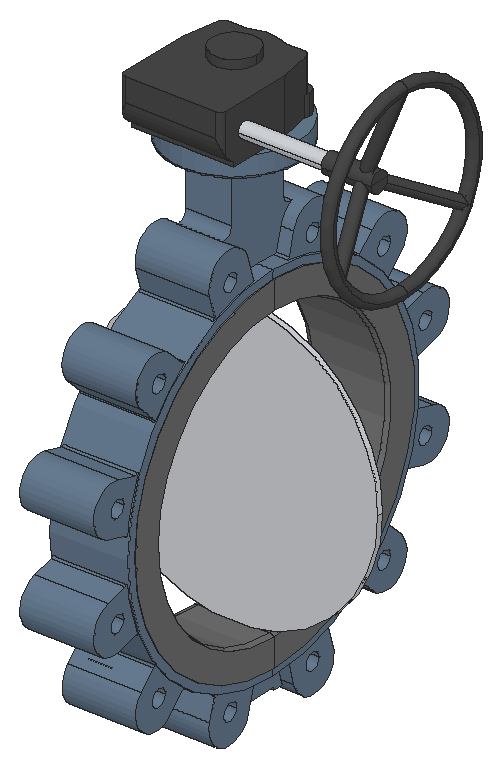
Revit family "Запорно-регулирующая заслонка с ручным редукторным приводом AF-4219", category Rohrzubehör, Revit 2019
Family settings
  Bemaßung runder Anschluss = Durchmesser verwenden
  Teiletyp = Unterbricht
  OmniClass-Nummer = 23.65.55.14
  OmniClass-Titel = Valves for Liquid Services
  Arbeitsebenenbasiert = Nein
  Immer vertikal = Ja
  Beim Laden mit Abzugskörper schneiden = Nein
  Gemeinsam genutzt = Nein
Parameters
  Шпиндель = "Нержавеющая сталь ASTM-A276 / Type 316"  # constant formula
  Фланцевое соединение = "В соответствии с EN1092-2"  # constant formula
  Уплотнение корпуса = "EPDM в соответствии с ISO 1691"  # constant formula
  Среда = "Качество теплоносителя в соответствии с ÖNORM H5195 и/или предписаниями VDI 2035.\r\nРазрешается использование смеси этилен или пропиленгликоля в соотношении 25-50% с водой."
  Область применения = "Применяются в системах тепло- и холодоснабжения."
  Номер заказа [instance] = size_lookup("4219_AF_G", "Artnr", 421911, Nennweite)  # 1421979
  Макс. рабочая температура = 110 °C  # constant formula
  Крутящий момент в Нм [instance] = size_lookup("4219_AF_G", "Nm", 20, Nennweite)  # 350
  Корпус = "Чугун GGG, GJS-400-15/JS1030, в соответствии с EN1563"  # constant formula
  Диск = "Нержавеющая сталь 1.4408"  # constant formula
  Вес [instance] = size_lookup("4219_AF_G", "Gewicht", 3.8, Nennweite)  # 37.6
  Болты [instance] = if(Nennweite = 50 mm, "4x M16x35", if(Nennweite = 65 mm, "4x M16x35", if(Nennweite = 80 mm, "8x M16x35", if(Nennweite = 100 mm, "8x M16x40", if(Nennweite = 125 mm, "8x M16x40", if(Nennweite = 150 mm, "8x M20x40", if(Nennweite = 200 mm, "12x M20x45", if(Nennweite = 250 mm, "12x M24x45", "12x M24x45"))))))))  # "12x M24x45"
  URL = "www.herz-armaturen.ru"
  SCTWSEQ = "FW;SBT_TYP_FW=\"101\";2"
  SCTWCODE = "04;07;02"  # constant formula
  SCRNSEQ = "ARM;ARM_TYP=\"ALLF\";2"
  SCRNCODE = "05;13;02"  # constant formula
  R99 = 1.5 mm  # constant formula
  PN [instance] = size_lookup("4219_AF_G", "PN", 16, Nennweite)  # 10
  O-Ring = "EPDM в соответствии с ISO 1691"  # constant formula
  Мин. рабочая температура = "-20.00 °C при соответствующей водно-гликолевой смеси"  # constant formula
  L04 [instance] = L01 - 3.5 mm  # 35.5 mm
  L03 [instance] = L01 + 1.5 mm  # 40.5 mm
  L02 [instance] = size_lookup("4219_AF_G", "L2", 14.5 mm, Nennweite)  # 30.5 mm
  L01 [instance] = size_lookup("4219_AF_G", "L1", 21.5 mm, Nennweite)  # 39 mm
  R01 [instance] = size_lookup("4219_AF_G", "R1", 44 mm, Nennweite)  # 65 mm
  Nennweite [instance] = 300 mm
  Hersteller = "HERZ Armaturen Ges.m.b.H."  # constant formula
  H02 [instance] = size_lookup("4219_AF_G", "H2", 13 mm, Nennweite)  # 20 mm
  H01 [instance] = size_lookup("4219_AF_G", "H1", 125 mm, Nennweite)  # 308 mm
  DN80 [instance] = Nennweite = 80 mm  # no
  DN65 [instance] = Nennweite = 65 mm  # no
  DN50 [instance] = Nennweite = 50 mm  # no
  DN300 [instance] = Nennweite = 300 mm  # yes
  DN250 [instance] = Nennweite = 250 mm  # no
  DN200 [instance] = Nennweite = 200 mm  # no
  DN150 [instance] = Nennweite = 150 mm  # no
  DN125 [instance] = Nennweite = 125 mm  # no
  DN100 [instance] = Nennweite = 100 mm  # no
  D06 [instance] = size_lookup("4219_AF_G", "D6", 25.3 mm, Nennweite)  # 146.5 mm
  D05 [instance] = size_lookup("4219_AF_G", "D5", 24.5 mm, Nennweite)  # 145 mm
  D04 [instance] = D05 + 2 mm  # 147 mm
  D03 [instance] = size_lookup("4219_AF_G", "D3", 35.5 mm, Nennweite)  # 167.5 mm
  D02 [instance] = size_lookup("4219_AF_G", "D2", 41 mm, Nennweite)  # 175 mm
  D01 [instance] = size_lookup("4219_AF_G", "D1", 47 mm, Nennweite)  # 183 mm
Reference planes
  plane 1 "Mitte (Vorne/hinten)": y = 0
  plane 2: z = 0
  plane 3 "Mitte (Links/rechts)": x = 0
Forms (mm)
  Revolve 1, solid, material "Herz-Metall-blau", detail levels fine
    sketch origin (0, 0, 0) x (1, 0, 0) y (0, 0, 1)
      loop
        line (-30.5, 175) -> (-30.5, 167.5) -> (30.5, 167.5) -> (30.5, 175) -> (39, 175) -> (39, 183) -> (-39, 183) -> (-39, 175) -> (-30.5, 175)
      axis (-39, 0) -> (39, 0)
    angle from 0 to 360
  Revolve 2, solid, material "Herz-Metall-blau", detail levels fine
    sketch origin (0, 0, 0) x (1, 0, 0) y (0, 0, 1)
      loop
        line (-65, 308) -> (-65, 289.463)
        arc (-65, 289.463) -> (-64.673, 288.527) -> (-63.833, 288) r 1.5
        line (-63.833, 288) -> (0, 288) -> (0, 308) -> (-65, 308)
      axis (0, 308) -> (0, 288)
    angle from 0 to 360
  Extrusion 3, solid, material "Herz-Metall-blau", visible <- "DN50", detail levels fine
    sketch origin (0, 0, 0) x (0, 1, 0) y (0, 0, 1)
      loop
        line (56.215, -32.173) -> (43.95, -19.909)
        arc (43.95, -19.909) -> (43.387, -18.793) -> (43.596, -17.56) r 2
        arc (43.596, -17.56) -> (33.234, -33.234) -> (17.56, -43.596) r 47
        arc (17.56, -43.596) -> (18.793, -43.387) -> (19.909, -43.95) r 2
        line (19.909, -43.95) -> (32.173, -56.215)
        arc (32.173, -56.215) -> (56.215, -56.215) -> (56.215, -32.173) r 17
      loop
        arc (-56.215, -32.173) -> (-56.215, -56.215) -> (-32.173, -56.215) r 17
        line (-32.173, -56.215) -> (-19.909, -43.95)
        arc (-19.909, -43.95) -> (-18.793, -43.387) -> (-17.56, -43.596) r 2
        arc (-17.56, -43.596) -> (-33.234, -33.234) -> (-43.596, -17.56) r 47
        arc (-43.596, -17.56) -> (-43.387, -18.793) -> (-43.95, -19.909) r 2
        line (-43.95, -19.909) -> (-56.215, -32.173)
      loop
        arc (56.215, 32.173) -> (56.215, 56.215) -> (32.173, 56.215) r 17
        line (32.173, 56.215) -> (19.909, 43.95)
        arc (19.909, 43.95) -> (18.793, 43.387) -> (17.56, 43.596) r 2
        arc (17.56, 43.596) -> (33.234, 33.234) -> (43.596, 17.56) r 47
        arc (43.596, 17.56) -> (43.387, 18.793) -> (43.95, 19.909) r 2
        line (43.95, 19.909) -> (56.215, 32.173)
      loop
        line (-56.215, 32.173) -> (-43.95, 19.909)
        arc (-43.95, 19.909) -> (-43.387, 18.793) -> (-43.596, 17.56) r 2
        arc (-43.596, 17.56) -> (-33.234, 33.234) -> (-17.56, 43.596) r 47
        arc (-17.56, 43.596) -> (-18.793, 43.387) -> (-19.909, 43.95) r 2
        line (-19.909, 43.95) -> (-32.173, 56.215)
        arc (-32.173, 56.215) -> (-56.215, 56.215) -> (-56.215, 32.173) r 17
      loop
        circle (-44.194, 44.194) r 6.92
      loop
        circle (44.194, 44.194) r 6.92
      loop
        circle (44.194, -44.194) r 6.92
      loop
        circle (-44.194, -44.194) r 6.92
    from -19.5 to 19.5
  Extrusion 4, solid, material "Herz-Metall-blau", visible <- "DN50", detail levels fine
    sketch origin (0, 0, 0) x (0, 1, 0) y (0, 0, 1)
      loop
        line (20, 74.845) -> (20, 112) -> (-20, 112) -> (-20, 74.845)
        arc (-20, 74.845) -> (-26.046, 62.811) -> (-39.31, 60.477) r 15
        arc (-39.31, 60.477) -> (-35.477, 58.789) -> (-32.173, 56.215) r 17
        line (-32.173, 56.215) -> (-19.909, 43.95)
        arc (-19.909, 43.95) -> (-18.793, 43.387) -> (-17.56, 43.596) r 2
        arc (-17.56, 43.596) -> (0, 47) -> (17.56, 43.596) r 47
        arc (17.56, 43.596) -> (18.793, 43.387) -> (19.909, 43.95) r 2
        line (19.909, 43.95) -> (32.173, 56.215)
        arc (32.173, 56.215) -> (35.477, 58.789) -> (39.31, 60.477) r 17
        arc (39.31, 60.477) -> (26.046, 62.811) -> (20, 74.845) r 15
    from -15 to 15
  Extrusion 5, solid, material "Herz-Metall-blau", visible <- "DN50"
    sketch origin (0, 0, 0) x (0, 1, 0) y (0, 0, 1)
      loop
        arc (33.834, -58) -> (34.246, -58.062) -> (34.622, -58.243) r 1.4
        arc (34.622, -58.243) -> (33.35, -57.286) -> (32.173, -56.215) r 17
        line (32.173, -56.215) -> (19.909, -43.95)
        arc (19.909, -43.95) -> (18.793, -43.387) -> (17.56, -43.596) r 2
        arc (17.56, -43.596) -> (0, -47) -> (-17.56, -43.596) r 47
        arc (-17.56, -43.596) -> (-18.793, -43.387) -> (-19.909, -43.95) r 2
        line (-19.909, -43.95) -> (-32.173, -56.215)
        arc (-32.173, -56.215) -> (-33.35, -57.286) -> (-34.622, -58.243) r 17
        arc (-34.622, -58.243) -> (-34.246, -58.062) -> (-33.834, -58) r 1.4
        line (-33.834, -58) -> (-16.963, -58)
        arc (-16.963, -58) -> (-15.575, -58.575) -> (-15, -59.963) r 1.963
        line (-15, -59.963) -> (-15, -61) -> (15, -61) -> (15, -59.963)
        arc (15, -59.963) -> (15.575, -58.575) -> (16.963, -58) r 1.963
        line (16.963, -58) -> (33.834, -58)
    from -15 to 15
  Revolve 6, solid, material "Gummi", detail levels fine
    sketch origin (-134.5, 0, 0) x (1, 0, 0) y (0, 0, 1)
      loop
        line (94, 175) -> (94, 147) -> (99, 145) -> (170, 145) -> (175, 147) -> (175, 175) -> (165, 175) -> (165, 167.5) -> (104, 167.5) -> (104, 175) -> (94, 175)
      axis (94, 0) -> (175, 0)
    angle from 0 to 360
  Extrusion 7, solid, detail levels fine
    sketch origin (0, 0, 0) x (1, 0, 0) y (0, 0, 1)
      loop
        circle (0, 0) r 146.5
    from -2.5 to 2.5
  Extrusion 8, solid, material "Herz-Metall-blau", visible <- "DN65", detail levels fine
    sketch origin (0, -300, 0) x (0, 1, 0) y (0, 0, 1)
      loop
        circle (351.265, 51.265) r 6.92
      loop
        arc (363.286, 39.244) -> (363.286, 63.286) -> (339.244, 63.286) r 17
        line (339.244, 63.286) -> (328.595, 52.636)
        arc (328.595, 52.636) -> (327.499, 52.076) -> (326.282, 52.264) r 2
        arc (326.282, 52.264) -> (341.366, 41.366) -> (352.264, 26.282) r 58.501
        arc (352.264, 26.282) -> (352.087, 27.51) -> (352.656, 28.614) r 2.038
        line (352.656, 28.614) -> (363.286, 39.244)
      loop
        circle (351.265, -51.265) r 6.92
      loop
        line (363.286, -39.244) -> (352.656, -28.614)
        arc (352.656, -28.614) -> (352.087, -27.51) -> (352.264, -26.282) r 2.038
        arc (352.264, -26.282) -> (341.366, -41.366) -> (326.282, -52.264) r 58.501
        arc (326.282, -52.264) -> (327.499, -52.076) -> (328.595, -52.636) r 2
        line (328.595, -52.636) -> (339.244, -63.286)
        arc (339.244, -63.286) -> (363.286, -63.286) -> (363.286, -39.244) r 17
      loop
        circle (248.735, 51.265) r 6.92
      loop
        line (236.714, 39.244) -> (247.344, 28.614)
        arc (247.344, 28.614) -> (247.913, 27.51) -> (247.736, 26.282) r 2.038
        arc (247.736, 26.282) -> (258.634, 41.366) -> (273.718, 52.264) r 58.501
        arc (273.718, 52.264) -> (272.501, 52.076) -> (271.405, 52.636) r 2
        line (271.405, 52.636) -> (260.756, 63.286)
        arc (260.756, 63.286) -> (236.714, 63.286) -> (236.714, 39.244) r 17
      loop
        circle (248.735, -51.265) r 6.92
      loop
        arc (236.714, -39.244) -> (236.714, -63.286) -> (260.756, -63.286) r 17
        line (260.756, -63.286) -> (271.405, -52.636)
        arc (271.405, -52.636) -> (272.501, -52.076) -> (273.718, -52.264) r 2
        arc (273.718, -52.264) -> (258.634, -41.366) -> (247.736, -26.282) r 58.501
        arc (247.736, -26.282) -> (247.913, -27.51) -> (247.344, -28.614) r 2.038
        line (247.344, -28.614) -> (236.714, -39.244)
    from -21 to 21
  Extrusion 9, solid, material "Herz-Metall-blau", visible <- "DN65", detail levels fine
    sketch origin (0, -300, 0) x (0, 1, 0) y (0, 0, 1)
      loop
        line (278, 136.5) -> (278, 78.286)
        arc (278, 78.286) -> (272.889, 69.099) -> (263, 65.53) r 14.984
        line (263, 65.53) -> (257.982, 65.53)
        arc (257.982, 65.53) -> (259.428, 64.481) -> (260.756, 63.286) r 17
        line (260.756, 63.286) -> (271.405, 52.636)
        arc (271.405, 52.636) -> (272.501, 52.076) -> (273.718, 52.264) r 2
        arc (273.718, 52.264) -> (300, 58.5) -> (326.282, 52.264) r 58.5
        arc (326.282, 52.264) -> (327.499, 52.076) -> (328.595, 52.636) r 2
        line (328.595, 52.636) -> (339.244, 63.286)
        arc (339.244, 63.286) -> (340.572, 64.481) -> (342.018, 65.53) r 17
        line (342.018, 65.53) -> (337, 65.53)
        arc (337, 65.53) -> (327.111, 69.099) -> (322, 78.286) r 14.984
        line (322, 78.286) -> (322, 136.5) -> (278, 136.5)
      loop
        arc (260.756, -63.286) -> (259.428, -64.481) -> (257.982, -65.53) r 17
        line (257.982, -65.53) -> (280.029, -65.53)
        arc (280.029, -65.53) -> (281.423, -66.108) -> (282, -67.501) r 1.971
        line (282, -67.501) -> (282, -74) -> (318, -74) -> (318, -67.527)
        arc (318, -67.527) -> (318.585, -66.115) -> (319.997, -65.53) r 1.997
        line (319.997, -65.53) -> (342.018, -65.53)
        arc (342.018, -65.53) -> (340.572, -64.481) -> (339.244, -63.286) r 17
        line (339.244, -63.286) -> (328.595, -52.636)
        arc (328.595, -52.636) -> (327.499, -52.076) -> (326.282, -52.264) r 2
        arc (326.282, -52.264) -> (300, -58.5) -> (273.718, -52.264) r 58.5
        arc (273.718, -52.264) -> (272.501, -52.076) -> (271.405, -52.636) r 2
        line (271.405, -52.636) -> (260.756, -63.286)
    from -18 to 18
  Extrusion 10, solid, material "Herz-Metall-blau", visible <- "DN80", detail levels fine
    sketch origin (0, -300, 0) x (0, 1, 0) y (0, 0, 1)
      loop
        circle (269.385, 73.91) r 6.92
      loop
        arc (285.091, 80.416) -> (262.88, 89.616) -> (253.679, 67.405) r 17
        line (253.679, 67.405) -> (259.513, 53.322)
        arc (259.513, 53.322) -> (259.602, 52.073) -> (258.924, 51.02) r 1.982
        arc (258.924, 51.02) -> (274.934, 60.514) -> (292.968, 65.121) r 65.5
        arc (292.968, 65.121) -> (291.745, 65.388) -> (290.924, 66.335) r 1.984
        line (290.924, 66.335) -> (285.091, 80.416)
      loop
        circle (226.09, 30.615) r 6.92
      loop
        line (219.584, 14.909) -> (233.665, 9.076)
        arc (233.665, 9.076) -> (234.612, 8.255) -> (234.879, 7.032) r 1.984
        arc (234.879, 7.032) -> (239.486, 25.066) -> (248.98, 41.076) r 65.5
        arc (248.98, 41.076) -> (247.927, 40.398) -> (246.678, 40.487) r 1.982
        line (246.678, 40.487) -> (232.595, 46.321)
        arc (232.595, 46.321) -> (210.384, 37.12) -> (219.584, 14.909) r 17
      loop
        circle (269.385, -73.91) r 6.92
      loop
        line (285.091, -80.416) -> (290.924, -66.335)
        arc (290.924, -66.335) -> (291.745, -65.388) -> (292.968, -65.121) r 1.984
        arc (292.968, -65.121) -> (274.934, -60.514) -> (258.924, -51.02) r 65.5
        arc (258.924, -51.02) -> (259.602, -52.073) -> (259.513, -53.322) r 1.982
        line (259.513, -53.322) -> (253.679, -67.405)
        arc (253.679, -67.405) -> (262.88, -89.616) -> (285.091, -80.416) r 17
      loop
        circle (226.09, -30.615) r 6.92
      loop
        arc (219.584, -14.909) -> (210.384, -37.12) -> (232.595, -46.321) r 17
        line (232.595, -46.321) -> (246.678, -40.487)
        arc (246.678, -40.487) -> (247.927, -40.398) -> (248.98, -41.076) r 1.982
        arc (248.98, -41.076) -> (239.486, -25.066) -> (234.879, -7.032) r 65.5
        arc (234.879, -7.032) -> (234.612, -8.255) -> (233.665, -9.076) r 1.984
        line (233.665, -9.076) -> (219.584, -14.909)
      loop
        circle (330.615, 73.91) r 6.92
      loop
        line (314.909, 80.416) -> (309.076, 66.335)
        arc (309.076, 66.335) -> (308.255, 65.388) -> (307.032, 65.121) r 1.984
        arc (307.032, 65.121) -> (325.066, 60.514) -> (341.076, 51.02) r 65.5
        arc (341.076, 51.02) -> (340.398, 52.073) -> (340.487, 53.322) r 1.982
        line (340.487, 53.322) -> (346.321, 67.405)
        arc (346.321, 67.405) -> (337.12, 89.616) -> (314.909, 80.416) r 17
      loop
        circle (373.91, 30.615) r 6.92
      loop
        arc (380.416, 14.909) -> (389.616, 37.12) -> (367.405, 46.321) r 17
        line (367.405, 46.321) -> (353.322, 40.487)
        arc (353.322, 40.487) -> (352.073, 40.398) -> (351.02, 41.076) r 1.982
        arc (351.02, 41.076) -> (360.514, 25.066) -> (365.121, 7.032) r 65.5
        arc (365.121, 7.032) -> (365.388, 8.255) -> (366.335, 9.076) r 1.984
        line (366.335, 9.076) -> (380.416, 14.909)
      loop
        circle (330.615, -73.91) r 6.92
      loop
        arc (314.909, -80.416) -> (337.12, -89.616) -> (346.321, -67.405) r 17
        line (346.321, -67.405) -> (340.487, -53.322)
        arc (340.487, -53.322) -> (340.398, -52.073) -> (341.076, -51.02) r 1.982
        arc (341.076, -51.02) -> (325.066, -60.514) -> (307.032, -65.121) r 65.5
        arc (307.032, -65.121) -> (308.255, -65.388) -> (309.076, -66.335) r 1.984
        line (309.076, -66.335) -> (314.909, -80.416)
      loop
        circle (373.91, -30.615) r 6.92
      loop
        line (380.416, -14.909) -> (366.335, -9.076)
        arc (366.335, -9.076) -> (365.388, -8.255) -> (365.121, -7.032) r 1.984
        arc (365.121, -7.032) -> (360.514, -25.066) -> (351.02, -41.076) r 65.5
        arc (351.02, -41.076) -> (352.073, -40.398) -> (353.322, -40.487) r 1.982
        line (353.322, -40.487) -> (367.405, -46.321)
        arc (367.405, -46.321) -> (389.616, -37.12) -> (380.416, -14.909) r 17
    from -21 to 21
  Extrusion 11, solid, material "Herz-Metall-blau", visible <- "DN80", detail levels fine
    sketch origin (0, -300, 0) x (0, 1, 0) y (0, 0, 1)
      loop
        line (278, 143.5) -> (278, 100.814)
        arc (278, 100.814) -> (275.545, 94.251) -> (269.385, 90.91) r 10
        arc (269.385, 90.91) -> (278.83, 88.045) -> (285.091, 80.416) r 17
        line (285.091, 80.416) -> (290.924, 66.335)
        arc (290.924, 66.335) -> (291.744, 65.388) -> (292.968, 65.121) r 1.984
        arc (292.968, 65.121) -> (300, 65.497) -> (307.032, 65.121) r 66.05
        arc (307.032, 65.121) -> (308.256, 65.388) -> (309.076, 66.335) r 1.984
        line (309.076, 66.335) -> (314.909, 80.416)
        arc (314.909, 80.416) -> (321.17, 88.045) -> (330.615, 90.91) r 17
        arc (330.615, 90.91) -> (324.455, 94.251) -> (322, 100.814) r 10
        line (322, 100.814) -> (322, 143.5) -> (278, 143.5)
      loop
        line (285.091, -80.416) -> (286.5, -80.946) -> (313.5, -80.946) -> (314.89, -80.371) -> (309.076, -66.335)
        arc (309.076, -66.335) -> (308.256, -65.388) -> (307.032, -65.121) r 1.984
        arc (307.032, -65.121) -> (300, -65.497) -> (292.968, -65.121) r 66.05
        arc (292.968, -65.121) -> (291.744, -65.388) -> (290.924, -66.335) r 1.984
        line (290.924, -66.335) -> (285.091, -80.416)
    from -18.5 to 18.5
  Extrusion 12, solid, material "Herz-Metall-blau", visible <- "DN100", detail levels fine
    sketch origin (0, -300, 0) x (0, 1, 0) y (0, 0, 1)
      loop
        circle (265.558, 83.149) r 6.92
      loop
        arc (281.264, 89.655) -> (259.053, 98.855) -> (249.853, 76.644) r 17
        line (249.853, 76.644) -> (255.731, 62.451)
        arc (255.731, 62.451) -> (255.813, 61.14) -> (255.074, 60.055) r 2.025
        arc (255.074, 60.055) -> (271.3, 69.291) -> (289.305, 74.233) r 75
        arc (289.305, 74.233) -> (288.012, 74.478) -> (287.142, 75.464) r 2.027
        line (287.142, 75.464) -> (281.264, 89.655)
      loop
        circle (216.851, 34.442) r 6.92
      loop
        line (210.345, 18.736) -> (224.536, 12.858)
        arc (224.536, 12.858) -> (225.522, 11.988) -> (225.767, 10.695) r 2.027
        arc (225.767, 10.695) -> (230.709, 28.7) -> (239.945, 44.926) r 75
        arc (239.945, 44.926) -> (238.86, 44.187) -> (237.549, 44.269) r 2.025
        line (237.549, 44.269) -> (223.356, 50.147)
        arc (223.356, 50.147) -> (201.145, 40.947) -> (210.345, 18.736) r 17
      loop
        circle (265.558, -83.149) r 6.92
      loop
        line (281.264, -89.655) -> (287.142, -75.464)
        arc (287.142, -75.464) -> (288.012, -74.478) -> (289.305, -74.233) r 2.027
        arc (289.305, -74.233) -> (271.3, -69.291) -> (255.074, -60.055) r 75
        arc (255.074, -60.055) -> (255.813, -61.14) -> (255.731, -62.451) r 2.025
        line (255.731, -62.451) -> (249.853, -76.644)
        arc (249.853, -76.644) -> (259.053, -98.855) -> (281.264, -89.655) r 17
      loop
        circle (216.851, -34.442) r 6.92
      loop
        arc (210.345, -18.736) -> (201.145, -40.947) -> (223.356, -50.147) r 17
        line (223.356, -50.147) -> (237.549, -44.269)
        arc (237.549, -44.269) -> (238.86, -44.187) -> (239.945, -44.926) r 2.025
        arc (239.945, -44.926) -> (230.709, -28.7) -> (225.767, -10.695) r 75
        arc (225.767, -10.695) -> (225.522, -11.988) -> (224.536, -12.858) r 2.027
        line (224.536, -12.858) -> (210.345, -18.736)
      loop
        circle (334.442, 83.149) r 6.92
      loop
        line (318.736, 89.655) -> (312.858, 75.464)
        arc (312.858, 75.464) -> (311.988, 74.478) -> (310.695, 74.233) r 2.027
        arc (310.695, 74.233) -> (328.7, 69.291) -> (344.926, 60.055) r 75
        arc (344.926, 60.055) -> (344.187, 61.14) -> (344.269, 62.451) r 2.025
        line (344.269, 62.451) -> (350.147, 76.644)
        arc (350.147, 76.644) -> (340.947, 98.855) -> (318.736, 89.655) r 17
      loop
        circle (383.149, 34.442) r 6.92
      loop
        arc (389.655, 18.736) -> (398.855, 40.947) -> (376.644, 50.147) r 17
        line (376.644, 50.147) -> (362.451, 44.269)
        arc (362.451, 44.269) -> (361.14, 44.187) -> (360.055, 44.926) r 2.025
        arc (360.055, 44.926) -> (369.291, 28.7) -> (374.233, 10.695) r 75
        arc (374.233, 10.695) -> (374.478, 11.988) -> (375.464, 12.858) r 2.027
        line (375.464, 12.858) -> (389.655, 18.736)
      loop
        circle (334.442, -83.149) r 6.92
      loop
        arc (318.736, -89.655) -> (340.947, -98.855) -> (350.147, -76.644) r 17
        line (350.147, -76.644) -> (344.269, -62.451)
        arc (344.269, -62.451) -> (344.187, -61.14) -> (344.926, -60.055) r 2.025
        arc (344.926, -60.055) -> (328.7, -69.291) -> (310.695, -74.233) r 75
        arc (310.695, -74.233) -> (311.988, -74.478) -> (312.858, -75.464) r 2.027
        line (312.858, -75.464) -> (318.736, -89.655)
      loop
        circle (383.149, -34.442) r 6.92
      loop
        line (389.655, -18.736) -> (375.464, -12.858)
        arc (375.464, -12.858) -> (374.478, -11.988) -> (374.233, -10.695) r 2.027
        arc (374.233, -10.695) -> (369.291, -28.7) -> (360.055, -44.926) r 75
        arc (360.055, -44.926) -> (361.14, -44.187) -> (362.451, -44.269) r 2.025
        line (362.451, -44.269) -> (376.644, -50.147)
        arc (376.644, -50.147) -> (398.855, -40.947) -> (389.655, -18.736) r 17
    from -24 to 24
  Extrusion 13, solid, material "Herz-Metall-blau", visible <- "DN100", detail levels fine
    sketch origin (0, -300, 0) x (0, 1, 0) y (0, 0, 1)
      loop
        line (274, 167) -> (274, 114.47)
        arc (274, 114.47) -> (270.644, 105.014) -> (262.078, 99.789) r 15
        arc (262.078, 99.789) -> (273.498, 98.181) -> (281.264, 89.655) r 17
        line (281.264, 89.655) -> (287.142, 75.464)
        arc (287.142, 75.464) -> (288.012, 74.478) -> (289.305, 74.233) r 2.027
        arc (289.305, 74.233) -> (300, 75) -> (310.695, 74.233) r 75
        arc (310.695, 74.233) -> (311.988, 74.478) -> (312.858, 75.464) r 2.027
        line (312.858, 75.464) -> (318.736, 89.655)
        arc (318.736, 89.655) -> (326.502, 98.181) -> (337.922, 99.789) r 17
        arc (337.922, 99.789) -> (329.356, 105.014) -> (326, 114.47) r 15
        line (326, 114.47) -> (326, 167) -> (274, 167)
      loop
        line (286.5, -93) -> (313.5, -93) -> (313.5, -96) -> (323.312, -96)
        arc (323.312, -96) -> (320.654, -93.094) -> (318.736, -89.655) r 17
        line (318.736, -89.655) -> (312.858, -75.464)
        arc (312.858, -75.464) -> (311.988, -74.478) -> (310.695, -74.233) r 2.027
        arc (310.695, -74.233) -> (300, -75) -> (289.305, -74.233) r 75
        arc (289.305, -74.233) -> (288.012, -74.478) -> (287.142, -75.464) r 2.027
        line (287.142, -75.464) -> (281.264, -89.655)
        arc (281.264, -89.655) -> (279.346, -93.094) -> (276.688, -96) r 17
        line (276.688, -96) -> (286.5, -96) -> (286.5, -93)
    from -18 to 18
  Extrusion 14, solid, material "Herz-Metall-blau", visible <- "DN125", detail levels fine
    sketch origin (0, -300, 0) x (0, 1, 0) y (0, 0, 1)
      loop
        circle (259.818, 97.007) r 6.92
      loop
        arc (275.524, 103.513) -> (253.313, 112.713) -> (244.112, 90.502) r 17
        line (244.112, 90.502) -> (249.217, 78.179)
        arc (249.217, 78.179) -> (249.286, 76.825) -> (248.485, 75.731) r 2.023
        arc (248.485, 75.731) -> (264.902, 84.594) -> (282.772, 89.957) r 91.852
        arc (282.772, 89.957) -> (281.505, 90.18) -> (280.649, 91.141) r 1.958
        line (280.649, 91.141) -> (275.524, 103.513)
      loop
        circle (202.993, 40.182) r 6.92
      loop
        line (196.487, 24.476) -> (208.859, 19.351)
        arc (208.859, 19.351) -> (209.82, 18.495) -> (210.043, 17.228) r 1.958
        arc (210.043, 17.228) -> (215.406, 35.098) -> (224.269, 51.515) r 91.852
        arc (224.269, 51.515) -> (223.175, 50.714) -> (221.821, 50.783) r 2.023
        line (221.821, 50.783) -> (209.498, 55.888)
        arc (209.498, 55.888) -> (187.287, 46.687) -> (196.487, 24.476) r 17
      loop
        circle (259.818, -97.007) r 6.92
      loop
        line (275.524, -103.513) -> (280.649, -91.141)
        arc (280.649, -91.141) -> (281.505, -90.18) -> (282.772, -89.957) r 1.958
        arc (282.772, -89.957) -> (264.902, -84.594) -> (248.485, -75.731) r 91.852
        arc (248.485, -75.731) -> (249.286, -76.825) -> (249.217, -78.179) r 2.023
        line (249.217, -78.179) -> (244.112, -90.502)
        arc (244.112, -90.502) -> (253.313, -112.713) -> (275.524, -103.513) r 17
      loop
        circle (202.993, -40.182) r 6.92
      loop
        arc (196.487, -24.476) -> (187.287, -46.687) -> (209.498, -55.888) r 17
        line (209.498, -55.888) -> (221.821, -50.783)
        arc (221.821, -50.783) -> (223.175, -50.714) -> (224.269, -51.515) r 2.023
        arc (224.269, -51.515) -> (215.406, -35.098) -> (210.043, -17.228) r 91.852
        arc (210.043, -17.228) -> (209.82, -18.495) -> (208.859, -19.351) r 1.958
        line (208.859, -19.351) -> (196.487, -24.476)
      loop
        circle (340.182, 97.007) r 6.92
      loop
        line (324.476, 103.513) -> (319.351, 91.141)
        arc (319.351, 91.141) -> (318.495, 90.18) -> (317.228, 89.957) r 1.958
        arc (317.228, 89.957) -> (335.098, 84.594) -> (351.515, 75.731) r 91.852
        arc (351.515, 75.731) -> (350.714, 76.825) -> (350.783, 78.179) r 2.023
        line (350.783, 78.179) -> (355.888, 90.502)
        arc (355.888, 90.502) -> (346.687, 112.713) -> (324.476, 103.513) r 17
      loop
        circle (397.007, 40.182) r 6.92
      loop
        arc (403.513, 24.476) -> (412.713, 46.687) -> (390.502, 55.888) r 17
        line (390.502, 55.888) -> (378.179, 50.783)
        arc (378.179, 50.783) -> (376.825, 50.714) -> (375.731, 51.515) r 2.023
        arc (375.731, 51.515) -> (384.594, 35.098) -> (389.957, 17.228) r 91.852
        arc (389.957, 17.228) -> (390.18, 18.495) -> (391.141, 19.351) r 1.958
        line (391.141, 19.351) -> (403.513, 24.476)
      loop
        circle (340.182, -97.007) r 6.92
      loop
        arc (324.476, -103.513) -> (346.687, -112.713) -> (355.888, -90.502) r 17
        line (355.888, -90.502) -> (350.783, -78.179)
        arc (350.783, -78.179) -> (350.714, -76.825) -> (351.515, -75.731) r 2.023
        arc (351.515, -75.731) -> (335.098, -84.594) -> (317.228, -89.957) r 91.852
        arc (317.228, -89.957) -> (318.495, -90.18) -> (319.351, -91.141) r 1.958
        line (319.351, -91.141) -> (324.476, -103.513)
      loop
        circle (397.007, -40.182) r 6.92
      loop
        line (403.513, -24.476) -> (391.141, -19.351)
        arc (391.141, -19.351) -> (390.18, -18.495) -> (389.957, -17.228) r 1.958
        arc (389.957, -17.228) -> (384.594, -35.098) -> (375.731, -51.515) r 91.852
        arc (375.731, -51.515) -> (376.825, -50.714) -> (378.179, -50.783) r 2.023
        line (378.179, -50.783) -> (390.502, -55.888)
        arc (390.502, -55.888) -> (412.713, -46.687) -> (403.513, -24.476) r 17
    from -26 to 26
  Extrusion 15, solid, material "Herz-Metall-blau", visible <- "DN125", detail levels fine
    sketch origin (0, -300, 0) x (0, 1, 0) y (0, 0, 1)
      loop
        line (273.999, 186) -> (273.95, 123.689)
        arc (273.95, 123.689) -> (270.458, 116.096) -> (262.42, 113.807) r 10
        arc (262.42, 113.807) -> (270.32, 110.376) -> (275.524, 103.513) r 17
        line (275.524, 103.513) -> (280.649, 91.141)
        arc (280.649, 91.141) -> (281.528, 90.167) -> (282.825, 89.967) r 1.958
        arc (282.825, 89.967) -> (299.999, 91.589) -> (317.173, 89.967) r 91.7
        arc (317.173, 89.967) -> (318.469, 90.167) -> (319.348, 91.141) r 1.958
        line (319.348, 91.141) -> (324.473, 103.513)
        arc (324.473, 103.513) -> (329.677, 110.376) -> (337.577, 113.807) r 17
        arc (337.577, 113.807) -> (329.539, 116.096) -> (325.999, 123.689) r 10
        line (325.999, 123.689) -> (325.999, 186) -> (273.999, 186)
      loop
        line (286.499, -110.51) -> (313.499, -110.51) -> (313.499, -113.51) -> (336.099, -113.51)
        arc (336.099, -113.51) -> (329.095, -109.897) -> (324.473, -103.513) r 17
        line (324.473, -103.513) -> (319.348, -91.141)
        arc (319.348, -91.141) -> (318.469, -90.167) -> (317.173, -89.967) r 1.958
        arc (317.173, -89.967) -> (299.999, -91.589) -> (282.825, -89.967) r 91.7
        arc (282.825, -89.967) -> (281.528, -90.167) -> (280.649, -91.141) r 1.958
        line (280.649, -91.141) -> (275.524, -103.513)
        arc (275.524, -103.513) -> (270.902, -109.897) -> (263.898, -113.51) r 17
        line (263.898, -113.51) -> (286.499, -113.51) -> (286.499, -110.51)
    from -18 to 18
  Extrusion 16, solid, material "Herz-Metall-blau", visible <- "DN150", detail levels fine
    sketch origin (0, -300, 0) x (0, 1, 0) y (0, 0, 1)
      loop
        circle (254.078, 110.866) r 8.645
      loop
        arc (273.479, 118.902) -> (246.042, 130.267) -> (234.677, 102.829) r 21
        line (234.677, 102.829) -> (241.591, 86.136)
        arc (241.591, 86.136) -> (241.664, 84.82) -> (240.899, 83.746) r 1.993
        arc (240.899, 83.746) -> (260.776, 94.698) -> (282.575, 101.008) r 102.504
        arc (282.575, 101.008) -> (281.263, 101.248) -> (280.379, 102.246) r 2.042
        line (280.379, 102.246) -> (273.479, 118.902)
      loop
        circle (189.134, 45.922) r 8.645
      loop
        line (181.098, 26.521) -> (197.754, 19.621)
        arc (197.754, 19.621) -> (198.752, 18.737) -> (198.992, 17.425) r 2.042
        arc (198.992, 17.425) -> (205.302, 39.224) -> (216.254, 59.101) r 102.504
        arc (216.254, 59.101) -> (215.18, 58.336) -> (213.864, 58.409) r 1.993
        line (213.864, 58.409) -> (197.171, 65.323)
        arc (197.171, 65.323) -> (169.733, 53.958) -> (181.098, 26.521) r 21
      loop
        circle (254.078, -110.866) r 8.645
      loop
        line (273.479, -118.902) -> (280.379, -102.246)
        arc (280.379, -102.246) -> (281.263, -101.248) -> (282.575, -101.008) r 2.042
        arc (282.575, -101.008) -> (260.776, -94.698) -> (240.899, -83.746) r 102.504
        arc (240.899, -83.746) -> (241.664, -84.82) -> (241.591, -86.136) r 1.993
        line (241.591, -86.136) -> (234.677, -102.829)
        arc (234.677, -102.829) -> (246.042, -130.267) -> (273.479, -118.902) r 21
      loop
        circle (189.134, -45.922) r 8.645
      loop
        arc (181.098, -26.521) -> (169.733, -53.958) -> (197.171, -65.323) r 21
        line (197.171, -65.323) -> (213.864, -58.409)
        arc (213.864, -58.409) -> (215.18, -58.336) -> (216.254, -59.101) r 1.993
        arc (216.254, -59.101) -> (205.302, -39.224) -> (198.992, -17.425) r 102.504
        arc (198.992, -17.425) -> (198.752, -18.737) -> (197.754, -19.621) r 2.042
        line (197.754, -19.621) -> (181.098, -26.521)
      loop
        circle (345.922, 110.866) r 8.645
      loop
        line (326.521, 118.902) -> (319.621, 102.246)
        arc (319.621, 102.246) -> (318.737, 101.248) -> (317.425, 101.008) r 2.042
        arc (317.425, 101.008) -> (339.224, 94.698) -> (359.101, 83.746) r 102.504
        arc (359.101, 83.746) -> (358.336, 84.82) -> (358.409, 86.136) r 1.993
        line (358.409, 86.136) -> (365.323, 102.829)
        arc (365.323, 102.829) -> (353.958, 130.267) -> (326.521, 118.902) r 21
      loop
        circle (410.866, 45.922) r 8.645
      loop
        arc (418.902, 26.521) -> (430.267, 53.958) -> (402.829, 65.323) r 21
        line (402.829, 65.323) -> (386.136, 58.409)
        arc (386.136, 58.409) -> (384.82, 58.336) -> (383.746, 59.101) r 1.993
        arc (383.746, 59.101) -> (394.698, 39.224) -> (401.008, 17.425) r 102.504
        arc (401.008, 17.425) -> (401.248, 18.737) -> (402.246, 19.621) r 2.042
        line (402.246, 19.621) -> (418.902, 26.521)
      loop
        circle (345.922, -110.866) r 8.645
      loop
        arc (326.521, -118.902) -> (353.958, -130.267) -> (365.323, -102.829) r 21
        line (365.323, -102.829) -> (358.409, -86.136)
        arc (358.409, -86.136) -> (358.336, -84.82) -> (359.101, -83.746) r 1.993
        arc (359.101, -83.746) -> (339.224, -94.698) -> (317.425, -101.008) r 102.504
        arc (317.425, -101.008) -> (318.737, -101.248) -> (319.621, -102.246) r 2.042
        line (319.621, -102.246) -> (326.521, -118.902)
      loop
        circle (410.866, -45.922) r 8.645
      loop
        line (418.902, -26.521) -> (402.246, -19.621)
        arc (402.246, -19.621) -> (401.248, -18.737) -> (401.008, -17.425) r 2.042
        arc (401.008, -17.425) -> (394.698, -39.224) -> (383.746, -59.101) r 102.504
        arc (383.746, -59.101) -> (384.82, -58.336) -> (386.136, -58.409) r 1.993
        line (386.136, -58.409) -> (402.829, -65.323)
        arc (402.829, -65.323) -> (430.267, -53.958) -> (418.902, -26.521) r 21
    from -26 to 26
  Extrusion 17, solid, material "Herz-Metall-blau", visible <- "DN150", detail levels fine
    sketch origin (0, -300, 0) x (0, 1, 0) y (0, 0, 1)
      loop
        line (274, 199) -> (274, 135)
        arc (274, 135) -> (272.527, 129.776) -> (268.541, 126.091) r 10
        arc (268.541, 126.091) -> (271.388, 122.755) -> (273.479, 118.902) r 21
        line (273.479, 118.902) -> (280.379, 102.246)
        arc (280.379, 102.246) -> (281.28, 101.239) -> (282.612, 101.014) r 2.042
        arc (282.612, 101.014) -> (300, 102.5) -> (317.388, 101.014) r 102.5
        arc (317.388, 101.014) -> (318.72, 101.239) -> (319.621, 102.246) r 2.042
        line (319.621, 102.246) -> (326.521, 118.902)
        arc (326.521, 118.902) -> (328.612, 122.755) -> (331.459, 126.091) r 21
        arc (331.459, 126.091) -> (327.473, 129.776) -> (326, 135) r 10
        line (326, 135) -> (326, 199) -> (274, 199)
      loop
        line (286.5, -122.5) -> (313.5, -122.5) -> (313.5, -125.5) -> (330.861, -125.5)
        arc (330.861, -125.5) -> (328.378, -122.407) -> (326.521, -118.902) r 21
        line (326.521, -118.902) -> (319.621, -102.246)
        arc (319.621, -102.246) -> (318.72, -101.239) -> (317.388, -101.014) r 2.042
        arc (317.388, -101.014) -> (300, -102.5) -> (282.612, -101.014) r 102.5
        arc (282.612, -101.014) -> (281.28, -101.239) -> (280.379, -102.246) r 2.042
        line (280.379, -102.246) -> (273.479, -118.902)
        arc (273.479, -118.902) -> (271.622, -122.407) -> (269.139, -125.5) r 21
        line (269.139, -125.5) -> (286.5, -125.5) -> (286.5, -122.5)
    from -18 to 18
  Extrusion 18, solid, material "Herz-Metall-blau", visible <- "DN200", detail levels fine
    sketch origin (0, -400, 0) x (0, 1, 0) y (0, 0, 1)
      loop
        circle (361.824, 142.474) r 8.645
      loop
        arc (382.109, 147.909) -> (356.389, 162.759) -> (341.54, 137.039) r 21
        line (341.54, 137.039) -> (345.801, 121.136)
        arc (345.801, 121.136) -> (345.679, 119.74) -> (344.688, 118.75) r 2.048
        arc (344.688, 118.75) -> (366.062, 126.527) -> (388.459, 130.491) r 131
        arc (388.459, 130.491) -> (387.159, 130.838) -> (386.388, 131.939) r 1.965
        line (386.388, 131.939) -> (382.109, 147.909)
      loop
        circle (257.526, 38.176) r 8.645
      loop
        line (252.091, 17.891) -> (268.061, 13.612)
        arc (268.061, 13.612) -> (269.162, 12.841) -> (269.509, 11.541) r 1.965
        arc (269.509, 11.541) -> (273.473, 33.938) -> (281.25, 55.312) r 131
        arc (281.25, 55.312) -> (280.26, 54.321) -> (278.864, 54.199) r 2.048
        line (278.864, 54.199) -> (262.961, 58.46)
        arc (262.961, 58.46) -> (237.241, 43.611) -> (252.091, 17.891) r 21
      loop
        circle (295.702, 104.298) r 8.645
      loop
        line (280.853, 89.449) -> (292.543, 77.758)
        arc (292.543, 77.758) -> (293.111, 76.539) -> (292.762, 75.24) r 1.965
        arc (292.762, 75.24) -> (307.393, 92.655) -> (324.816, 107.277) r 131
        arc (324.816, 107.277) -> (323.463, 106.914) -> (322.193, 107.506) r 2.048
        line (322.193, 107.506) -> (310.551, 119.147)
        arc (310.551, 119.147) -> (280.853, 119.147) -> (280.853, 89.449) r 21
      loop
        circle (361.824, -142.474) r 8.645
      loop
        line (382.109, -147.909) -> (386.388, -131.939)
        arc (386.388, -131.939) -> (387.159, -130.838) -> (388.459, -130.491) r 1.965
        arc (388.459, -130.491) -> (366.062, -126.527) -> (344.688, -118.75) r 131
        arc (344.688, -118.75) -> (345.679, -119.74) -> (345.801, -121.136) r 2.048
        line (345.801, -121.136) -> (341.54, -137.039)
        arc (341.54, -137.039) -> (356.389, -162.759) -> (382.109, -147.909) r 21
      loop
        circle (257.526, -38.176) r 8.645
      loop
        arc (252.091, -17.891) -> (237.241, -43.611) -> (262.961, -58.46) r 21
        line (262.961, -58.46) -> (278.864, -54.199)
        arc (278.864, -54.199) -> (280.26, -54.321) -> (281.25, -55.312) r 2.048
        arc (281.25, -55.312) -> (273.473, -33.938) -> (269.509, -11.541) r 131
        arc (269.509, -11.541) -> (269.162, -12.841) -> (268.061, -13.612) r 1.965
        line (268.061, -13.612) -> (252.091, -17.891)
      loop
        circle (295.702, -104.298) r 8.645
      loop
        arc (280.853, -89.449) -> (280.853, -119.147) -> (310.551, -119.147) r 21
        line (310.551, -119.147) -> (322.193, -107.506)
        arc (322.193, -107.506) -> (323.463, -106.914) -> (324.816, -107.277) r 2.048
        arc (324.816, -107.277) -> (307.393, -92.655) -> (292.762, -75.24) r 131
        arc (292.762, -75.24) -> (293.111, -76.539) -> (292.543, -77.758) r 1.965
        line (292.543, -77.758) -> (280.853, -89.449)
      loop
        circle (438.176, 142.474) r 8.645
      loop
        line (417.891, 147.909) -> (413.612, 131.939)
        arc (413.612, 131.939) -> (412.841, 130.838) -> (411.541, 130.491) r 1.965
        arc (411.541, 130.491) -> (433.938, 126.527) -> (455.312, 118.75) r 131
        arc (455.312, 118.75) -> (454.321, 119.74) -> (454.199, 121.136) r 2.048
        line (454.199, 121.136) -> (458.46, 137.039)
        arc (458.46, 137.039) -> (443.611, 162.759) -> (417.891, 147.909) r 21
      loop
        circle (542.474, 38.176) r 8.645
      loop
        arc (547.909, 17.891) -> (562.759, 43.611) -> (537.039, 58.46) r 21
        line (537.039, 58.46) -> (521.136, 54.199)
        arc (521.136, 54.199) -> (519.74, 54.321) -> (518.75, 55.312) r 2.048
        arc (518.75, 55.312) -> (526.527, 33.938) -> (530.491, 11.541) r 131
        arc (530.491, 11.541) -> (530.838, 12.841) -> (531.939, 13.612) r 1.965
        line (531.939, 13.612) -> (547.909, 17.891)
      loop
        circle (504.298, 104.298) r 8.645
      loop
        arc (519.147, 89.449) -> (519.147, 119.147) -> (489.449, 119.147) r 21
        line (489.449, 119.147) -> (477.807, 107.506)
        arc (477.807, 107.506) -> (476.537, 106.914) -> (475.184, 107.277) r 2.048
        arc (475.184, 107.277) -> (492.607, 92.655) -> (507.238, 75.24) r 131
        arc (507.238, 75.24) -> (506.889, 76.539) -> (507.457, 77.758) r 1.965
        line (507.457, 77.758) -> (519.147, 89.449)
      loop
        circle (438.176, -142.474) r 8.645
      loop
        arc (417.891, -147.909) -> (443.611, -162.759) -> (458.46, -137.039) r 21
        line (458.46, -137.039) -> (454.199, -121.136)
        arc (454.199, -121.136) -> (454.321, -119.74) -> (455.312, -118.75) r 2.048
        arc (455.312, -118.75) -> (433.938, -126.527) -> (411.541, -130.491) r 131
        arc (411.541, -130.491) -> (412.841, -130.838) -> (413.612, -131.939) r 1.965
        line (413.612, -131.939) -> (417.891, -147.909)
      loop
        circle (542.474, -38.176) r 8.645
      loop
        line (547.909, -17.891) -> (531.939, -13.612)
        arc (531.939, -13.612) -> (530.838, -12.841) -> (530.491, -11.541) r 1.965
        arc (530.491, -11.541) -> (526.527, -33.938) -> (518.75, -55.312) r 131
        arc (518.75, -55.312) -> (519.74, -54.321) -> (521.136, -54.199) r 2.048
        line (521.136, -54.199) -> (537.039, -58.46)
        arc (537.039, -58.46) -> (562.759, -43.611) -> (547.909, -17.891) r 21
      loop
        circle (504.298, -104.298) r 8.645
      loop
        line (519.147, -89.449) -> (507.457, -77.758)
        arc (507.457, -77.758) -> (506.889, -76.539) -> (507.238, -75.24) r 1.965
        arc (507.238, -75.24) -> (492.607, -92.655) -> (475.184, -107.277) r 131
        arc (475.184, -107.277) -> (476.537, -106.914) -> (477.807, -107.506) r 2.048
        line (477.807, -107.506) -> (489.449, -119.147)
        arc (489.449, -119.147) -> (519.147, -119.147) -> (519.147, -89.449) r 21
    from -28 to 28
  Extrusion 19, solid, material "Herz-Metall-blau", visible <- "DN200", detail levels fine
    sketch origin (0, -400, 0) x (0, 1, 0) y (0, 0, 1)
      loop
        arc (411.541, 130.491) -> (412.841, 130.838) -> (413.612, 131.939) r 1.965
        line (413.612, 131.939) -> (417.891, 147.909)
        arc (417.891, 147.909) -> (422.597, 156.556) -> (430.727, 162.108) r 21
        arc (430.727, 162.108) -> (428.869, 162.334) -> (428, 163.99) r 2.013
        line (428, 163.99) -> (428, 230) -> (372, 230) -> (372, 163.99)
        arc (372, 163.99) -> (371.131, 162.334) -> (369.273, 162.108) r 2.013
        arc (369.273, 162.108) -> (377.403, 156.556) -> (382.109, 147.909) r 21
        line (382.109, 147.909) -> (386.388, 131.939)
        arc (386.388, 131.939) -> (387.159, 130.838) -> (388.459, 130.491) r 1.965
        arc (388.459, 130.491) -> (400, 131) -> (411.541, 130.491) r 131
      loop
        arc (411.541, -130.491) -> (400, -131) -> (388.459, -130.491) r 131
        arc (388.459, -130.491) -> (387.159, -130.838) -> (386.388, -131.939) r 1.965
        line (386.388, -131.939) -> (382.109, -147.909)
        arc (382.109, -147.909) -> (381.328, -150.259) -> (380.276, -152.5) r 21
        line (380.276, -152.5) -> (419.724, -152.5)
        arc (419.724, -152.5) -> (418.672, -150.259) -> (417.891, -147.909) r 21
        line (417.891, -147.909) -> (413.612, -131.939)
        arc (413.612, -131.939) -> (412.841, -130.838) -> (411.541, -130.491) r 1.965
    from -20 to 20
  Extrusion 20, solid, material "Herz-Metall-blau", visible <- "DN250", detail levels fine
    sketch origin (0, -500, 0) x (0, 1, 0) y (0, 0, 1)
      loop
        circle (454.707, 169.037) r 8.645
      loop
        arc (478.208, 177.922) -> (447.589, 195.6) -> (429.911, 164.981) r 25
        line (429.911, 164.981) -> (435.025, 145.897)
        arc (435.025, 145.897) -> (434.902, 144.5) -> (433.907, 143.512) r 2.044
        arc (433.907, 143.512) -> (458.94, 152.587) -> (485.142, 157.329) r 158
        arc (485.142, 157.329) -> (483.991, 157.793) -> (483.322, 158.837) r 2.043
        line (483.322, 158.837) -> (478.208, 177.922)
      loop
        circle (376.468, 123.866) r 8.645
      loop
        line (357.022, 107.956) -> (370.994, 93.984)
        arc (370.994, 93.984) -> (371.563, 92.882) -> (371.39, 91.654) r 2.043
        arc (371.39, 91.654) -> (388.597, 111.974) -> (408.973, 129.116) r 158
        arc (408.973, 129.116) -> (407.62, 128.749) -> (406.348, 129.34) r 2.044
        line (406.348, 129.34) -> (392.378, 143.311)
        arc (392.378, 143.311) -> (357.022, 143.311) -> (357.022, 107.956) r 25
      loop
        circle (331.268, 45.598) r 8.645
      loop
        line (322.382, 22.097) -> (341.468, 16.983)
        arc (341.468, 16.983) -> (342.512, 16.313) -> (342.976, 15.163) r 2.043
        arc (342.976, 15.163) -> (347.718, 41.365) -> (356.793, 66.398) r 158
        arc (356.793, 66.398) -> (355.804, 65.403) -> (354.408, 65.28) r 2.044
        line (354.408, 65.28) -> (335.323, 70.393)
        arc (335.323, 70.393) -> (304.705, 52.716) -> (322.382, 22.097) r 25
      loop
        circle (454.707, -169.037) r 8.645
      loop
        line (478.208, -177.922) -> (483.322, -158.837)
        arc (483.322, -158.837) -> (483.991, -157.793) -> (485.142, -157.329) r 2.043
        arc (485.142, -157.329) -> (458.94, -152.587) -> (433.907, -143.512) r 158
        arc (433.907, -143.512) -> (434.902, -144.5) -> (435.025, -145.897) r 2.044
        line (435.025, -145.897) -> (429.911, -164.981)
        arc (429.911, -164.981) -> (447.589, -195.6) -> (478.208, -177.922) r 25
      loop
        circle (376.468, -123.866) r 8.645
      loop
        arc (357.022, -107.956) -> (357.022, -143.311) -> (392.378, -143.311) r 25
        line (392.378, -143.311) -> (406.348, -129.34)
        arc (406.348, -129.34) -> (407.62, -128.749) -> (408.973, -129.116) r 2.044
        arc (408.973, -129.116) -> (388.597, -111.974) -> (371.39, -91.654) r 158
        arc (371.39, -91.654) -> (371.563, -92.882) -> (370.994, -93.984) r 2.043
        line (370.994, -93.984) -> (357.022, -107.956)
      loop
        circle (331.268, -45.598) r 8.645
      loop
        arc (322.382, -22.097) -> (304.705, -52.716) -> (335.323, -70.393) r 25
        line (335.323, -70.393) -> (354.408, -65.28)
        arc (354.408, -65.28) -> (355.804, -65.403) -> (356.793, -66.398) r 2.044
        arc (356.793, -66.398) -> (347.718, -41.365) -> (342.976, -15.163) r 158
        arc (342.976, -15.163) -> (342.512, -16.313) -> (341.468, -16.983) r 2.043
        line (341.468, -16.983) -> (322.382, -22.097)
      loop
        circle (545.128, 169.037) r 8.645
      loop
        line (521.626, 177.922) -> (516.513, 158.837)
        arc (516.513, 158.837) -> (515.843, 157.793) -> (514.693, 157.329) r 2.043
        arc (514.693, 157.329) -> (540.894, 152.587) -> (565.927, 143.512) r 158
        arc (565.927, 143.512) -> (564.933, 144.5) -> (564.809, 145.897) r 2.044
        line (564.809, 145.897) -> (569.923, 164.981)
        arc (569.923, 164.981) -> (552.245, 195.6) -> (521.626, 177.922) r 25
      loop
        circle (623.367, 123.866) r 8.645
      loop
        arc (642.812, 107.956) -> (642.812, 143.311) -> (607.457, 143.311) r 25
        line (607.457, 143.311) -> (593.486, 129.34)
        arc (593.486, 129.34) -> (592.215, 128.749) -> (590.862, 129.116) r 2.044
        arc (590.862, 129.116) -> (611.237, 111.974) -> (628.444, 91.654) r 158
        arc (628.444, 91.654) -> (628.271, 92.882) -> (628.841, 93.984) r 2.043
        line (628.841, 93.984) -> (642.812, 107.956)
      loop
        circle (668.567, 45.598) r 8.645
      loop
        arc (677.452, 22.097) -> (695.13, 52.716) -> (664.511, 70.393) r 25
        line (664.511, 70.393) -> (645.426, 65.28)
        arc (645.426, 65.28) -> (644.03, 65.403) -> (643.042, 66.398) r 2.044
        arc (643.042, 66.398) -> (652.116, 41.365) -> (656.858, 15.163) r 158
        arc (656.858, 15.163) -> (657.323, 16.313) -> (658.367, 16.983) r 2.043
        line (658.367, 16.983) -> (677.452, 22.097)
      loop
        circle (545.128, -169.037) r 8.645
      loop
        arc (521.626, -177.922) -> (552.245, -195.6) -> (569.923, -164.981) r 25
        line (569.923, -164.981) -> (564.809, -145.897)
        arc (564.809, -145.897) -> (564.933, -144.5) -> (565.927, -143.512) r 2.044
        arc (565.927, -143.512) -> (540.894, -152.587) -> (514.693, -157.329) r 158
        arc (514.693, -157.329) -> (515.843, -157.793) -> (516.513, -158.837) r 2.043
        line (516.513, -158.837) -> (521.626, -177.922)
      loop
        circle (623.367, -123.866) r 8.645
      loop
        line (642.812, -107.956) -> (628.841, -93.984)
        arc (628.841, -93.984) -> (628.271, -92.882) -> (628.444, -91.654) r 2.043
        arc (628.444, -91.654) -> (611.237, -111.974) -> (590.862, -129.116) r 158
        arc (590.862, -129.116) -> (592.215, -128.749) -> (593.486, -129.34) r 2.044
        line (593.486, -129.34) -> (607.457, -143.311)
        arc (607.457, -143.311) -> (642.812, -143.311) -> (642.812, -107.956) r 25
      loop
        circle (668.567, -45.598) r 8.645
      loop
        line (677.452, -22.097) -> (658.367, -16.983)
        arc (658.367, -16.983) -> (657.323, -16.313) -> (656.858, -15.163) r 2.043
        arc (656.858, -15.163) -> (652.116, -41.365) -> (643.042, -66.398) r 158
        arc (643.042, -66.398) -> (644.03, -65.403) -> (645.426, -65.28) r 2.044
        line (645.426, -65.28) -> (664.511, -70.393)
        arc (664.511, -70.393) -> (695.13, -52.716) -> (677.452, -22.097) r 25
    from -32 to 32
  Extrusion 21, solid, material "Herz-Metall-blau", visible <- "DN250", detail levels fine
    sketch origin (0, -500, 0) x (0, 1, 0) y (0, 0, 1)
      loop
        line (467.917, 263) -> (467.917, 195.639)
        arc (467.917, 195.639) -> (466.995, 193.978) -> (465.097, 193.884) r 1.957
        arc (465.097, 193.884) -> (473.378, 187.32) -> (478.208, 177.922) r 25
        line (478.208, 177.922) -> (483.33, 158.808)
        arc (483.33, 158.808) -> (483.997, 157.776) -> (485.142, 157.329) r 2
        arc (485.142, 157.329) -> (499.917, 158.021) -> (514.693, 157.329) r 158
        arc (514.693, 157.329) -> (515.837, 157.776) -> (516.505, 158.808) r 2
        line (516.505, 158.808) -> (521.626, 177.922)
        arc (521.626, 177.922) -> (526.456, 187.32) -> (534.737, 193.884) r 25
        arc (534.737, 193.884) -> (532.84, 193.978) -> (531.917, 195.639) r 1.957
        line (531.917, 195.639) -> (531.917, 263) -> (467.917, 263)
      loop
        line (478.917, -192.479) -> (520.917, -192.479) -> (520.917, -195.479) -> (538.868, -195.479)
        arc (538.868, -195.479) -> (527.938, -188.969) -> (521.626, -177.922) r 25
        line (521.626, -177.922) -> (516.505, -158.808)
        arc (516.505, -158.808) -> (515.837, -157.776) -> (514.693, -157.329) r 2
        arc (514.693, -157.329) -> (499.917, -158.021) -> (485.142, -157.329) r 158
        arc (485.142, -157.329) -> (483.997, -157.776) -> (483.33, -158.808) r 2
        line (483.33, -158.808) -> (478.208, -177.922)
        arc (478.208, -177.922) -> (471.897, -188.969) -> (460.966, -195.479) r 25
        line (460.966, -195.479) -> (478.917, -195.479) -> (478.917, -192.479)
    from -23 to 23
  Extrusion 22, solid, material "Herz-Metall-blau", visible <- "DN300", detail levels fine
    sketch origin (0, -600, 0) x (0, 1, 0) y (0, 0, 1)
      loop
        circle (548.236, 193.185) r 8.645
      loop
        arc (571.09, 204.485) -> (540.472, 222.163) -> (522.794, 191.544) r 25
        line (522.794, 191.544) -> (528.48, 170.323)
        arc (528.48, 170.323) -> (528.348, 168.926) -> (527.336, 167.955) r 2.013
        arc (527.336, 167.955) -> (552.476, 176.732) -> (578.624, 181.768) r 183
        arc (578.624, 181.768) -> (577.466, 182.19) -> (576.788, 183.22) r 1.96
        line (576.788, 183.22) -> (571.09, 204.485)
      loop
        circle (458.579, 141.421) r 8.645
      loop
        line (437.365, 127.279) -> (452.933, 111.712)
        arc (452.933, 111.712) -> (453.486, 110.61) -> (453.272, 109.396) r 1.96
        arc (453.272, 109.396) -> (470.707, 129.523) -> (490.879, 146.906) r 183
        arc (490.879, 146.906) -> (489.531, 146.515) -> (488.256, 147.1) r 2.013
        line (488.256, 147.1) -> (472.721, 162.635)
        arc (472.721, 162.635) -> (437.365, 162.635) -> (437.365, 127.279) r 25
      loop
        circle (406.815, 51.764) r 8.645
      loop
        line (395.515, 28.91) -> (416.78, 23.212)
        arc (416.78, 23.212) -> (417.81, 22.534) -> (418.232, 21.376) r 1.96
        arc (418.232, 21.376) -> (423.268, 47.524) -> (432.045, 72.664) r 183
        arc (432.045, 72.664) -> (431.074, 71.652) -> (429.677, 71.52) r 2.013
        line (429.677, 71.52) -> (408.456, 77.206)
        arc (408.456, 77.206) -> (377.837, 59.528) -> (395.515, 28.91) r 25
      loop
        circle (548.236, -193.185) r 8.645
      loop
        line (571.09, -204.485) -> (576.788, -183.22)
        arc (576.788, -183.22) -> (577.466, -182.19) -> (578.624, -181.768) r 1.96
        arc (578.624, -181.768) -> (552.476, -176.732) -> (527.336, -167.955) r 183
        arc (527.336, -167.955) -> (528.348, -168.926) -> (528.48, -170.323) r 2.013
        line (528.48, -170.323) -> (522.794, -191.544)
        arc (522.794, -191.544) -> (540.472, -222.163) -> (571.09, -204.485) r 25
      loop
        circle (458.579, -141.421) r 8.645
      loop
        arc (437.365, -127.279) -> (437.365, -162.635) -> (472.721, -162.635) r 25
        line (472.721, -162.635) -> (488.256, -147.1)
        arc (488.256, -147.1) -> (489.531, -146.515) -> (490.879, -146.906) r 2.013
        arc (490.879, -146.906) -> (470.707, -129.523) -> (453.272, -109.396) r 183
        arc (453.272, -109.396) -> (453.486, -110.61) -> (452.933, -111.712) r 1.96
        line (452.933, -111.712) -> (437.365, -127.279)
      loop
        circle (406.815, -51.764) r 8.645
      loop
        arc (395.515, -28.91) -> (377.837, -59.528) -> (408.456, -77.206) r 25
        line (408.456, -77.206) -> (429.677, -71.52)
        arc (429.677, -71.52) -> (431.074, -71.652) -> (432.045, -72.664) r 2.013
        arc (432.045, -72.664) -> (423.268, -47.524) -> (418.232, -21.376) r 183
        arc (418.232, -21.376) -> (417.81, -22.534) -> (416.78, -23.212) r 1.96
        line (416.78, -23.212) -> (395.515, -28.91)
      loop
        circle (651.764, 193.185) r 8.645
      loop
        line (628.91, 204.485) -> (623.212, 183.22)
        arc (623.212, 183.22) -> (622.534, 182.19) -> (621.376, 181.768) r 1.96
        arc (621.376, 181.768) -> (647.524, 176.732) -> (672.664, 167.955) r 183
        arc (672.664, 167.955) -> (671.652, 168.926) -> (671.52, 170.323) r 2.013
        line (671.52, 170.323) -> (677.206, 191.544)
        arc (677.206, 191.544) -> (659.528, 222.163) -> (628.91, 204.485) r 25
      loop
        circle (741.421, 141.421) r 8.645
      loop
        arc (762.635, 127.279) -> (762.635, 162.635) -> (727.279, 162.635) r 25
        line (727.279, 162.635) -> (711.744, 147.1)
        arc (711.744, 147.1) -> (710.469, 146.515) -> (709.121, 146.906) r 2.013
        arc (709.121, 146.906) -> (729.293, 129.523) -> (746.728, 109.396) r 183
        arc (746.728, 109.396) -> (746.514, 110.61) -> (747.067, 111.712) r 1.96
        line (747.067, 111.712) -> (762.635, 127.279)
      loop
        circle (793.185, 51.764) r 8.645
      loop
        arc (804.485, 28.91) -> (822.163, 59.528) -> (791.544, 77.206) r 25
        line (791.544, 77.206) -> (770.323, 71.52)
        arc (770.323, 71.52) -> (768.926, 71.652) -> (767.955, 72.664) r 2.013
        arc (767.955, 72.664) -> (776.732, 47.524) -> (781.768, 21.376) r 183
        arc (781.768, 21.376) -> (782.19, 22.534) -> (783.22, 23.212) r 1.96
        line (783.22, 23.212) -> (804.485, 28.91)
      loop
        circle (651.764, -193.185) r 8.645
      loop
        arc (628.91, -204.485) -> (659.528, -222.163) -> (677.206, -191.544) r 25
        line (677.206, -191.544) -> (671.52, -170.323)
        arc (671.52, -170.323) -> (671.652, -168.926) -> (672.664, -167.955) r 2.013
        arc (672.664, -167.955) -> (647.524, -176.732) -> (621.376, -181.768) r 183
        arc (621.376, -181.768) -> (622.534, -182.19) -> (623.212, -183.22) r 1.96
        line (623.212, -183.22) -> (628.91, -204.485)
      loop
        circle (741.421, -141.421) r 8.645
      loop
        line (762.635, -127.279) -> (747.067, -111.712)
        arc (747.067, -111.712) -> (746.514, -110.61) -> (746.728, -109.396) r 1.96
        arc (746.728, -109.396) -> (729.293, -129.523) -> (709.121, -146.906) r 183
        arc (709.121, -146.906) -> (710.469, -146.515) -> (711.744, -147.1) r 2.013
        line (711.744, -147.1) -> (727.279, -162.635)
        arc (727.279, -162.635) -> (762.635, -162.635) -> (762.635, -127.279) r 25
      loop
        circle (793.185, -51.764) r 8.645
      loop
        line (804.485, -28.91) -> (783.22, -23.212)
        arc (783.22, -23.212) -> (782.19, -22.534) -> (781.768, -21.376) r 1.96
        arc (781.768, -21.376) -> (776.732, -47.524) -> (767.955, -72.664) r 183
        arc (767.955, -72.664) -> (768.926, -71.652) -> (770.323, -71.52) r 2.013
        line (770.323, -71.52) -> (791.544, -77.206)
        arc (791.544, -77.206) -> (822.163, -59.528) -> (804.485, -28.91) r 25
    from -37 to 37
  Extrusion 23, solid, material "Herz-Metall-blau", visible <- "DN300", detail levels fine
    sketch origin (0, -600, 0) x (0, 1, 0) y (0, 0, 1)
      loop
        line (568, 288) -> (568, 231)
        arc (568, 231) -> (564.523, 223.42) -> (556.509, 221.112) r 10
        arc (556.509, 221.112) -> (565.738, 214.498) -> (571.09, 204.485) r 25
        line (571.09, 204.485) -> (576.788, 183.22)
        arc (576.788, 183.22) -> (577.483, 182.176) -> (578.668, 181.767) r 1.96
        arc (578.668, 181.767) -> (600, 183.015) -> (621.332, 181.767) r 183.015
        arc (621.332, 181.767) -> (622.517, 182.176) -> (623.212, 183.22) r 1.96
        line (623.212, 183.22) -> (628.91, 204.485)
        arc (628.91, 204.485) -> (634.262, 214.498) -> (643.491, 221.112) r 25
        arc (643.491, 221.112) -> (635.477, 223.42) -> (632, 231) r 10
        line (632, 231) -> (632, 288) -> (568, 288)
      loop
        arc (571.09, -204.485) -> (570.056, -207.54) -> (568.638, -210.436) r 25
        line (568.638, -210.436) -> (579, -210.436) -> (579, -207.436) -> (621, -207.436) -> (621, -210.436) -> (631.362, -210.436)
        arc (631.362, -210.436) -> (629.944, -207.54) -> (628.91, -204.485) r 25
        line (628.91, -204.485) -> (623.212, -183.22)
        arc (623.212, -183.22) -> (622.517, -182.176) -> (621.332, -181.767) r 1.96
        arc (621.332, -181.767) -> (600, -183.015) -> (578.668, -181.767) r 183.015
        arc (578.668, -181.767) -> (577.483, -182.176) -> (576.788, -183.22) r 1.96
        line (576.788, -183.22) -> (571.09, -204.485)
    from -23 to 23
Lines and regions (mm)
  model lines, detail levels coarse+medium
    curve 1: line (39, -183, 0) -> (-39, -183, 0)
    curve 2: line (-39, -183, 0) -> (-39, 183, 0)
    curve 3: line (-39, 183, 0) -> (39, 183, 0)
    curve 4: line (39, 183, 0) -> (39, -183, 0)
    curve 5: line (-39, 183, 0) -> (39, -183, 0)
    curve 6: circle (0, 0, 0) r 5 normal (0, 0, 1)
    curve 7: line (-39, 0, 183) -> (-39, 0, -183)
    curve 8: line (-39, 0, -183) -> (39, 0, -183)
    curve 9: line (39, 0, -183) -> (39, 0, 183)
    curve 10: line (39, 0, 183) -> (-39, 0, 183)
    curve 11: line (39, 0, -183) -> (-39, 0, 183)
    curve 12: circle (0, 0, 0) r 5 normal (0, -1, 0)
Dimensions and locks
  "H01": Revolve 2 sketch curve to plane 2
  "H02": Revolve 2 sketch curve to Revolve 2 sketch curve
  "R01": Revolve 2 sketch curve to Revolve 2 sketch curve
  "D01": plane 2 to Revolve 1 sketch curve
  "D02": plane 2 to Revolve 1 sketch curve
  "D03": plane 2 to Revolve 1 sketch curve
  "L01": Revolve 1 sketch curve to plane 3 "Mitte (Links/rechts)"
  "L02": plane 3 "Mitte (Links/rechts)" to Revolve 1 sketch curve  (x2)
  "D05": Revolve 6 sketch curve to plane 2
